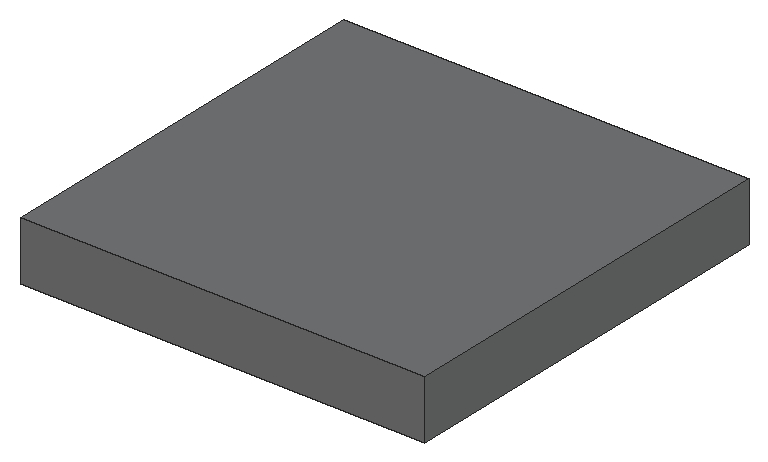
Revit family "Gira_028401", category Electrical Fixtures, host Face, Revit 2017
Family settings
  Host = Face
  Maintain Annotation Orientation = No
  Round Connector Dimension = Use Diameter
  Part Type = Normal
  Cut with Voids When Loaded = No
  Shared = No
  Room Calculation Point = No
Parameters (values of type "Cov. in.sp. UAE/IAE network conn.box System 55 cr.white")
  URL = "http://katalog.gira.de/en/datenblatt.html?artikelnr=028401"
  Transparent = "No"
  Name = "Cov. in.sp. UAE/IAE network conn.box System 55 cr.white"
  Manufacturer URL = "https://www.gira.de/"
  Manufacturer = "Gira"
  Keynote = ""
  HeinzeBIM = "https://bimportal.heinze.de/bim/cov-in-sp-uae-iae-network-conn-box-system-55-cr-white/8b922ced9a72596e67884c41b2ed4e430b4527fc"
  HAN = "028401"
  GTIN = "4010337284017"
  Description = "Cov.in.sp.UAE IAE network Sys55 CW,Cover for UAE IAE (ISDN) and network connection box,with inscription space,cream white glossy,Features:,- Cover plate can be broken out.,,Notes :,- Suitable for UAE IAE (ISDN) connection boxes."
  Default Elevation = 1219.2 mm
  Data sheet (1) = "https://katalog.gira.de/en/download.html?artikelnr=028401"
  Category = "Insert/cover for communication technology"
  BIM (1) = "https://media.stage.bim.site/public/gira/36a6b08/Sys55_Abdeckung_Schalten und Tasten.rfa?public/gira/36a6b08/Sys55_Abdeckung_Schalten und Tasten.rfa"
  Available = "No"
  Anthrazit [instance] = Anthrazit
Reference planes
  plane 1 "Center (Front/Back)": y = 0
  plane 2: z = 0
  plane 3 "Center (Left/Right)": x = 0
Forms (mm)
  Extrusion 1, solid, material "Anthrazit" <- "Anthrazit", detail levels fine
    sketch origin (0, 0, 0) x (1, 0, 0) y (0, 1, 0)
      loop
        line (-27.5, 27.5) -> (-27.5, -27.5) -> (27.5, -27.5) -> (27.5, 27.5) -> (-27.5, 27.5)
    from 0 to 8
  Extrusion 2, void
    sketch origin (0, 0, 0) x (1, 0, 0) y (0, 1, 0)
      loop
        line (26, 26) -> (-26, 26) -> (-26, -26) -> (26, -26) -> (26, 26)
    from 0 to 6
  Extrusion 3, solid, material "Anthrazit" <- "Anthrazit", detail levels medium
    sketch origin (0, 0, 0) x (1, 0, 0) y (0, 1, 0)
      loop
        line (-27.5, 27.5) -> (-27.5, -27.5) -> (27.5, -27.5) -> (27.5, 27.5) -> (-27.5, 27.5)
    from 0 to 8
  Extrusion 4, solid, material "Anthrazit" <- "Anthrazit", detail levels medium
    sketch origin (0, 0, 0) x (1, 0, 0) y (0, 1, 0)
      loop
        line (11, -17.5) -> (11, 17.5) -> (-11, 17.5) -> (-11, -17.5) -> (11, -17.5)
    from -6 to 6
  Extrusion 5, solid, material "Anthrazit" <- "Anthrazit", detail levels fine
    sketch origin (0, 0, 0) x (1, 0, 0) y (0, 1, 0)
      loop
        line (11, 17.5) -> (-11, 17.5) -> (-11, 16.5) -> (11, 16.5) -> (11, 17.5)
      loop
        line (-11, -16.5) -> (-11, -17.5) -> (11, -17.5) -> (11, -16.5) -> (-11, -16.5)
    from -4 to 6
  Extrusion 6, solid, material "Anthrazit" <- "Anthrazit", detail levels fine
    sketch origin (0, 0, 0) x (1, 0, 0) y (0, 1, 0)
      loop
        arc (5, 9.347) -> (0, 10.6) -> (-5, 9.347) r 10.6
        line (-5, 9.347) -> (-5, -9.347)
        arc (-5, -9.347) -> (0, -10.6) -> (5, -9.347) r 10.6
        line (5, -9.347) -> (5, 9.347)
    from -6 to 6
  Extrusion 7, solid, material "Anthrazit" <- "Anthrazit", detail levels coarse
    sketch origin (0, 0, 0) x (1, 0, 0) y (0, 1, 0)
      loop
        line (-27.5, 27.5) -> (-27.5, -27.5) -> (27.5, -27.5) -> (27.5, 27.5) -> (-27.5, 27.5)
    from -6 to 8
Cuts and joins
  Extrusion 2 cuts Extrusion 1
Dimensions and locks
  aligned and locked: plane 2 to host face
  aligned and locked: level to host face
